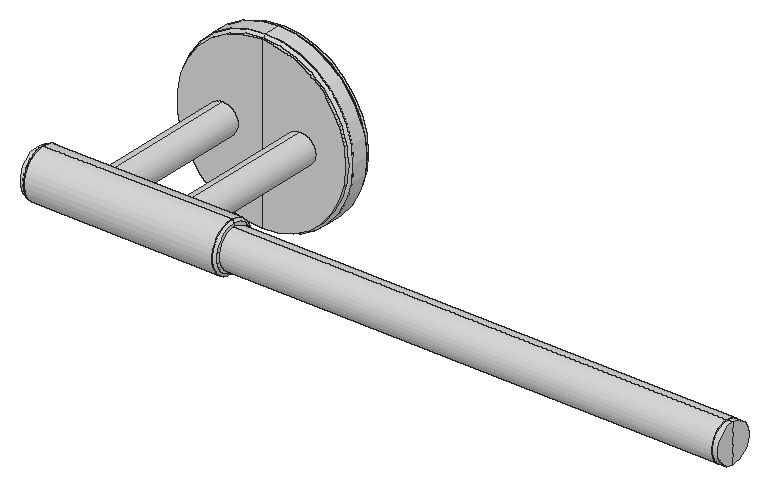
Revit family "Reece_Accessories_Milli_Marq Edit_Guest Towel Rail", category Plumbing Fixtures, Revit 2018
Family settings
  Round Connector Dimension = Use Diameter
  Part Type = Normal
  Work Plane-Based = Yes
  Always vertical = Yes
  Cut with Voids When Loaded = Yes
  Shared = Yes
  Room Calculation Point = Yes
Parameters (values of type "Chrome")
  URL = "https://www.reece.com.au/product/-21912"
  Type Comments = "Accessory"
  Reece_Product_Web Page = "https://www.reece.com.au/product/-21912"
  Reece_Product_Type = "Accessory"  # constant formula
  Reece_Product_Sub Brand = "Marq Edit\r\n"  # constant formula
  Reece_Product_Number = "21912"
  Reece_Product_Mount = "Wall Mounted"  # constant formula
  Reece_Product_Description = "Milli Marq Edit Guest Towel Holder Chrome"
  Reece_Product_Brand = "Milli"  # constant formula
  Reece_Overall_Width = 255 mm  # constant formula
  Reece_Overall_Projection = 76 mm  # constant formula
  Reece_Overall_Height = 62 mm  # constant formula
  Reece_Material_Secondary = Reece_Brass_Chrome_Knurl Pattern
  Reece_Material_Main = Reece_Brass_Chrome
  Reece_Height_From_Level [instance] = 300 mm
  Reece_Detail_Shape = ""
  Reece_Detail_Installation = ""
  Reece_Detail_Disclaimer = "THIS FILE IS THE PROPERTY OF THE REECE GROUP. IT MAY NOT BE REPRODUCED, REVERSE-ENGINEERED, OR MODIFIED. ANY REPUBLICATION, TRANSMISSION, OR DISTRIBUTION FOR THE PURPOSE OF COMMERCIALLY EXPLOITING THE FILES IS PROHIBITED."  # constant formula
  Reece_Detail_Connector = ""
  Reece_Detail_Additional = "Guest Towel Rail\r\n"  # constant formula
  Model = "Marq Edit\r\n"
  Manufacturer = "Milli"
  Keynote = "Product #21912, Reece_Accessories_Milli_Marq Edit_Guest Towel Rail - Chrome"
  Disclaimer = "THIS FILE IS THE PROPERTY OF THE REECE GROUP. IT MAY NOT BE REPRODUCED, REVERSE-ENGINEERED, OR MODIFIED. ANY REPUBLICATION, TRANSMISSION, OR DISTRIBUTION FOR THE PURPOSE OF COMMERCIALLY EXPLOITING THE FILES IS PROHIBITED."  # constant formula
  Description = "Milli Marq Edit Guest Towel Holder Chrome"
  Default Elevation = 0 mm
Types (6, lengths in mm): name | URL | Reece_Product_Web Page | Reece_Product_Number | Reece_Product_Description | Reece_Material_Secondary | Reece_Material_Main | Keynote | Description
  Chrome | "https://www.reece.com.au/product/-21912" | "https://www.reece.com.au/product/-21912" | "21912" | "Milli Marq Edit Guest Towel Holder Chrome" | Reece_Brass_Chrome_Knurl Pattern | Reece_Brass_Chrome | "Product #21912, Reece_Accessories_Milli_Marq Edit_Guest Towel Rail - Chrome" | "Milli Marq Edit Guest Towel Holder Chrome"
  Brushed Nickel | "https://www.reece.com.au/product/-21914" | "https://www.reece.com.au/product/-21914" | "21914" | "Milli Marq Edit Guest Towel Holder Brushed Nickel" | Reece_Brass_Brushed Nickel_Knurl Pattern | Reece_Brass_Brushed Nickel | "Product #21914, Reece_Accessories_Milli_Marq Edit_Guest Towel Rail - Brushed Nickel" | "Milli Marq Edit Guest Towel Holder Brushed Nickel"
  Matte Black | "https://www.reece.com.au/product/-21913" | "https://www.reece.com.au/product/-21913" | "21913" | "Milli Marq Edit Guest Towel Holder Matte Black" | Reece_Brass_Matte Black_Knurl Pattern | Reece_Brass_Matte Black | "Product #21913, Reece_Accessories_Milli_Marq Edit_Guest Towel Rail - Matte Black" | "Milli Marq Edit Guest Towel Holder Matte Black"
  Brushed Gunmetal | "https://www.reece.com.au/product/-21916" | "https://www.reece.com.au/product/-21916" | "21916" | "Milli Marq Edit Guest Towel Holder Brushed Gunmetal" | Reece_Brass_Brushed Gunmetal_Knurl Pattern | Reece_Brass_Brushed Gunmetal | "Product #21916, Reece_Accessories_Milli_Marq Edit_Guest Towel Rail - Brushed Gunmetal" | "Milli Marq Edit Guest Towel Holder Brushed Gunmetal"
  Brushed Gold | "https://www.reece.com.au/product/-21915" | "https://www.reece.com.au/product/-21915" | "21915" | "Milli Marq Edit Guest Towel Holder Brushed Gold" | Reece_PVD_Brushed Gold_Knurl Pattern | Reece_PVD_Brushed Gold | "Product #21915, Reece_Accessories_Milli_Marq Edit_Guest Towel Rail - Brushed Gold" | "Milli Marq Edit Guest Towel Holder Brushed Gold"
  Brushed Bronze | "https://www.reece.com.au/product/-21917" | "https://www.reece.com.au/product/-21917" | "21917" | "Milli Marq Edit Guest Towel Holder Brushed Bronze" | Reece_PVD_Brushed Bronze_Knurl Pattern | Reece_PVD_Brushed Bronze | "Product #21917, Reece_Accessories_Milli_Marq Edit_Guest Towel Rail - Brushed Bronze" | "Milli Marq Edit Guest Towel Holder Brushed Bronze"
Reference planes
  plane 1 "Center (Front/Back)": y = 0
  plane 2 "Bottom Host Plane": z = -5
  plane 3 "Center (Left/Right)": x = 0
  plane 4 "height from level": z = 300
  plane 5: y = -76
  plane 6: z = 331
  plane 7: z = 269
  plane 8 "L_CTR": x = -91
  plane 9: x = -127.5
  plane 10 "Center L/U": x = -105.25
  plane 11 "Center L/V": x = -76.75
  plane 12 "RAIL 1_CTR": y = -67
  plane 13: x = 127.5
Forms (mm)
  Revolve 1, solid, material "Reece_Brass_Chrome" <- "Reece_Material_Main"
    sketch origin (-91, 0, 0) x (0, 0, 1) y (0, -1, 0)
      loop
        line (300, 0) -> (330.985, 0) -> (330.985, 1) -> (331.985, 2) -> (300, 2) -> (300, 0)
      loop
        line (300, 10) -> (300, 8) -> (331.985, 8) -> (330.985, 9) -> (330.985, 10) -> (300, 10)
      axis (300, 0) -> (300, 10)
    angle from 0 to 360
  Revolve 2, solid, material "Reece_Brass_Chrome_Knurl Pattern" <- "Reece_Material_Secondary"
    sketch origin (-91, 0, 0) x (0, 0, 1) y (0, -1, 0)
      loop
        line (300, 2) -> (331.985, 2) -> (331.985, 8) -> (300, 8) -> (300, 2)
      axis (300, 2) -> (300, 8)
    angle from 0 to 360
  Revolve 3, void
    sketch origin (-91, 0, 0) x (0, 0, 1) y (0, -1, 0)
      loop
        line (266.821, 3) -> (269, 3) -> (269, 5) -> (266.821, 5) -> (266.821, 3)
      axis (269, 5) -> (266.821, 5)
    angle from 0 to 360
  Extrusion 4, solid, material "Reece_Brass_Chrome" <- "Reece_Material_Main"
    sketch origin (-91, -10, 300) x (0, 0, 1) y (-1, 0, 0)
      loop
        circle (0, 14.25) r 5.5
      loop
        circle (0, -14.25) r 5.5
    from 0 to 57
  Revolve 5, solid, material "Reece_Brass_Chrome_Knurl Pattern" <- "Reece_Material_Secondary"
    sketch origin (0, -67, 0) x (0, 0, 1) y (-1, 0, 0)
      loop
        line (309, 125.5) -> (300, 125.5) -> (300, 56.5) -> (309, 56.5) -> (309, 125.5)
      axis (300, 125.5) -> (300, 56.5)
    angle from 0 to 360
  Revolve 6, solid, material "Reece_Brass_Chrome" <- "Reece_Material_Main"
    sketch origin (0, -67, 0) x (0, 0, 1) y (-1, 0, 0)
      loop
        line (308, 127.5) -> (300, 127.5) -> (300, 125.5) -> (309, 125.5) -> (308, 126.5) -> (308, 127.5)
      loop
        line (308, 55.5) -> (309, 56.5) -> (300, 56.5) -> (300, -127.5) -> (307, -127.5) -> (307, -125.5) -> (306.032, -125.5) -> (307, -125.329) -> (307, 55.5) -> (308, 55.5)
      axis (300, 127.5) -> (300, -127.5)
    angle from 0 to 360
  Extrusion 7, void
    sketch origin (-91, -10, 300) x (0, 0, 1) y (-1, 0, 0)
      loop
        circle (0, 14.25) r 5.5
      loop
        circle (0, -14.25) r 5.5
    from 0 to 55
  Revolve 8, solid, material "Reece_Brass_Chrome" <- "Reece_Material_Main"
    sketch origin (-91, 0, 0) x (0, 0, 1) y (0, -1, 0)
      loop
        line (268, 3.546) -> (269, 3) -> (269, 5) -> (268, 5) -> (268, 3.546)
      axis (269, 5) -> (268, 5)
    angle from 0 to 360
  Extrusion 9, void
    sketch origin (-91, -5, 268) x (0, 1, 0) y (1, 0, 0)
      loop
        line (0, 0.8) -> (-0.693, 0.4) -> (-0.693, -0.4) -> (0, -0.8) -> (0.693, -0.4) -> (0.693, 0.4) -> (0, 0.8)
    from 0 to -0.8
Cuts and joins
  Revolve 3 cuts Revolve 2
  Extrusion 7 cuts Revolve 5
  Extrusion 9 cuts Revolve 8
Lines and regions (mm)
  model lines, style "InvisibleLines"
    curve 1: line (0, 0, 300) -> (0, 0, -5)
Text (mm)
  text "Reece ©" at (2680.623, -2428.846, 2907.344), in view "Reece Preview"
  text "Reece ©" at (-402.991, -18.587, 0), in view "Ref. Level"
Dimensions and locks
  "Reece_Height_From_Level": plane 4 "height from level" to level
  locked: plane 2 "Bottom Host Plane" to level at 5
  equal spacing: plane 6, plane 4 "height from level", plane 7
  "Reece_Overall_Height": plane 6 to plane 7
  plane 11 "Center L/V" to plane 8 "L_CTR" to plane 10 "Center L/U" = 14.25 mm locked, 14.25 mm locked
  Extrusion 4 sketch curve to plane 10 "Center L/U" to Extrusion 4 sketch curve = 5.5 mm locked, 5.5 mm locked
  Extrusion 4 sketch curve to plane 11 "Center L/V" to Extrusion 4 sketch curve = 5.5 mm locked, 5.5 mm locked
  Extrusion 4 sketch curve to plane 4 "height from level" to Extrusion 4 sketch curve = 5.5 mm locked, 5.5 mm locked
  locked: plane 12 "RAIL 1_CTR" to plane 5 at 9
  locked: Revolve 5 sketch curve to Revolve 5 sketch curve at 69
  Revolve 6 sketch curve to Revolve 6 sketch curve to Revolve 6 sketch curve to Revolve 6 sketch curve = 1 mm locked, 69 mm locked, 1 mm locked
  Extrusion 7 sketch curve to plane 10 "Center L/U" to Extrusion 7 sketch curve = 5.5 mm locked, 5.5 mm locked
  Extrusion 7 sketch curve to plane 11 "Center L/V" to Extrusion 7 sketch curve = 5.5 mm locked, 5.5 mm locked
  Extrusion 7 sketch curve to plane 4 "height from level" to Extrusion 7 sketch curve = 5.5 mm locked, 5.5 mm locked
  Extrusion 9 sketch curve to plane 8 "L_CTR" to Extrusion 9 sketch curve = 0.8 mm locked, 0.8 mm locked
  locked: plane 7 to Revolve 8 sketch curve at 1
  locked: plane 10 "Center L/U" to plane 9 at 22.25
  equal spacing: plane 9, plane 3 "Center (Left/Right)", plane 13
  "Reece_Overall_Width": plane 9 to plane 13
  "Reece_Overall_Projection": plane 5 to plane 1 "Center (Front/Back)"
  aligned and locked: plane 4 "height from level" to curve 1
  aligned and locked: plane 2 "Bottom Host Plane" to curve 1
  aligned and locked: plane 3 "Center (Left/Right)" to curve 1
  aligned and locked: Revolve 1 sketch curve to plane 4 "height from level"
  aligned and locked: Revolve 2 sketch curve to plane 4 "height from level"
  aligned and locked: plane 7 to Revolve 8 sketch curve
  aligned and locked: Extrusion 4 to Revolve 1
  aligned and locked: Revolve 6 sketch curve to plane 13
Automatic sketch dimensions
  Revolve 1 sketch curve to plane 1 "Center (Front/Back)" = 0 mm
  Revolve 1 sketch curve to plane 4 "height from level" = 0 mm  (x2)
  Revolve 1 sketch curve to plane 6 = 0.015 mm  (x2)
  plane 6 to Revolve 1 sketch curve = 0.985 mm  (x2)
  plane 1 "Center (Front/Back)" to Revolve 1 sketch curve = 1 mm
  plane 1 "Center (Front/Back)" to Revolve 1 sketch curve = 2 mm
  Revolve 1 sketch curve to Revolve 1 sketch curve = 6 mm
  Revolve 1 sketch curve to Revolve 1 sketch curve = 1 mm
  Revolve 1 sketch curve to Revolve 1 sketch curve = 2 mm
  Revolve 1 sketch curve to Revolve 1 sketch curve = 57.654 mm
  Revolve 1 sketch curve to plane 12 "RAIL 1_CTR" = 12.654 mm
  Revolve 2 sketch curve to plane 4 "height from level" = 0 mm
  plane 6 to Revolve 2 sketch curve = 0.985 mm
  plane 1 "Center (Front/Back)" to Revolve 2 sketch curve = 2 mm
  Revolve 2 sketch curve to Revolve 2 sketch curve = 6 mm
  Revolve 2 sketch curve to plane 1 "Center (Front/Back)" = 13.945 mm
  Revolve 2 sketch curve to Revolve 2 sketch curve = 0 mm
  Revolve 3 sketch curve to plane 7 = 0 mm
  Revolve 3 sketch curve to Revolve 3 sketch curve = 2.179 mm
  plane 1 "Center (Front/Back)" to Revolve 3 sketch curve = 3 mm
  Revolve 3 sketch curve to Revolve 3 sketch curve = 2 mm
  Revolve 3 sketch curve to Revolve 3 sketch curve = 0.352 mm
  plane 7 to Revolve 3 sketch curve = 1.041 mm
  Revolve 3 sketch curve to Revolve 3 sketch curve = 0 mm
  Revolve 5 sketch curve to plane 4 "height from level" = 0 mm  (x2)
  Revolve 5 sketch curve to Revolve 5 sketch curve = 9 mm
  Revolve 5 sketch curve to plane 11 "Center L/V" = 20.25 mm
  Revolve 5 sketch curve to plane 9 = 260.883 mm
  plane 1 "Center (Front/Back)" to Revolve 8 sketch curve = 3 mm
  Revolve 8 sketch curve to Revolve 8 sketch curve = 0.546 mm
  Revolve 8 sketch curve to Revolve 8 sketch curve = 1.454 mm
  Revolve 8 sketch curve to Revolve 8 sketch curve = 1.531 mm
  plane 7 to Revolve 8 sketch curve = 1.041 mm
  Revolve 8 sketch curve to Revolve 8 sketch curve = 0 mm
  Extrusion 9 sketch curve to Revolve 8 = 0.4 mm  (x2)
  Extrusion 9 sketch curve to Extrusion 9 sketch curve = 0.693 mm  (x3)
  Revolve 8 to Extrusion 9 sketch curve = 0.4 mm  (x2)
  plane 3 "Center (Left/Right)" to Revolve 5 sketch curve = 542.617 mm
  Revolve 6 sketch curve to plane 4 "height from level" = 0 mm  (x3)
  Revolve 6 sketch curve to plane 9 = 0 mm
  plane 4 "height from level" to Revolve 6 sketch curve = 7 mm
  Revolve 6 sketch curve to Revolve 6 sketch curve = 0 mm
  plane 4 "height from level" to Revolve 6 sketch curve = 8 mm
  Revolve 6 sketch curve to Revolve 6 sketch curve = 1 mm  (x3)
  plane 13 to Revolve 6 sketch curve = 2 mm
  Revolve 6 sketch curve to plane 11 "Center L/V" = 21.25 mm
  Revolve 6 sketch curve to Revolve 6 sketch curve = 0.968 mm
  plane 13 to Revolve 6 sketch curve = 2.171 mm
  Revolve 6 sketch curve to Revolve 6 sketch curve = 60.883 mm
  Revolve 6 sketch curve to plane 13 = 196.406 mm
